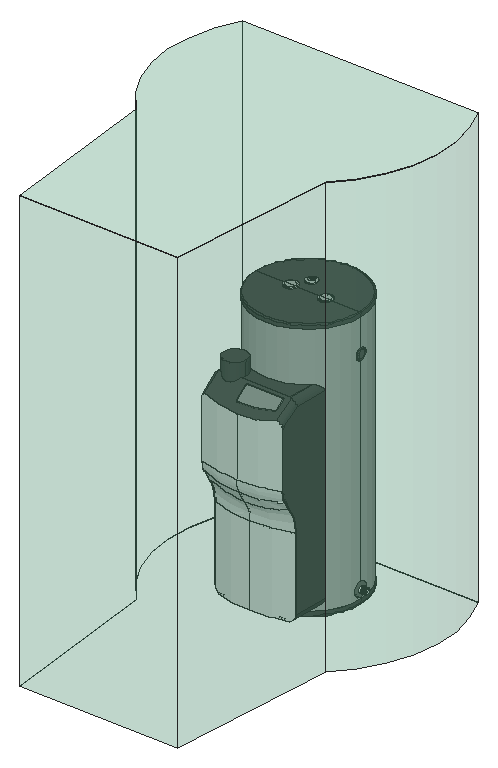
Revit family "Innovo GB_IR 32 245 GB LP", category Mechanical Equipment, Revit 2015
Parameters (values of type "IR-32-245 GB LP")
  Workspace Radius = Diameter + 170 mm  # 780 mm
  Workspace Height = Height + 1000 mm  # 2545 mm
  Workspace Front Distance = 1000 mm
  Working only during off-peak hour = no
  Width = Diameter  # 610 mm
  Workspace [instance] = yes
  Water heating energy efficiency class (2) = "-"
  Water heating energy efficiency class (1) = "A"  # constant formula
  Water heating energy efficiency (2) = "-"
  Water heating energy efficiency (1) = "92%"
  Warranty on tank = "36 months"  # constant formula
  Warranty on parts = "12 months"  # constant formula
  Voltage = 230 V  # constant formula
  Valve Height 02 = if(and(Height = 1745 mm, Diameter = 675 mm), 1518 mm, if(and(Height = 1745 mm, Diameter = 610 mm), 1534 mm, if(Height = 1545 mm, 1328 mm, 1070 mm)))  # 1328 mm
  Valve Height 01 = if(and(Diameter > 560 mm), 693 mm, 604 mm)  # 693 mm
  URL = "www.aosmith.co.uk"
  Type of Packaging = "Carton and Wood"  # constant formula
  Transport Weight = 136 kg
  Trade mark = "A.O. Smith"  # constant formula
  Thermostat temperature setting = 65 °C  # constant formula
  T&P Connection Rp = 1"
  Storage Capacity = 245.0 L
  Standard Set For = "G20"
  Stand-by Loss - daily (24h) = 0 W
  Stand-by Loss = 0 W
  Smart control = no
  Serial Number = "8717449286170"
  Seasonal Energy Efficiency Rating = [Energy Efficiency Rating (Hs, acc NEN-EN 89-1999)]  # 96
  Recovery Rate @ ΔT = 70°C = 290.0 L/s
  Recovery Rate @ ΔT = 55°C = 370.0 L/s
  Recovery Rate @ ΔT = 50°C = 400.0 L/s
  Recovery Rate @ ΔT = 44°C = 460.0 L/s
  Recovery Rate @ ΔT = 28°C = 730.0 L/s
  Product Instruction Link = ""
  Product Documentation Link = ""
  Precaustions during assembling, installation or maintenance = "see User, Installation, Service and Maintenance Manual"  # constant formula
  Power Consumption (peak) = 105 W
  Power Consumption (nominal) = 51 W
  Phase = 1
  Packaging Width = 786 mm  # constant formula
  Packaging Length = 946 mm  # constant formula
  Packaging Height = 1695 mm
  Other load profile = "-"
  Operating Weight = 381 kg
  Nominal Output = "23500"
  Nominal Heat Input (Net) = "22000"
  Nominal Heat Input (Gross) = "24400"
  Noice-level dB (A) = "<45"  # constant formula
  NOx Emissions mg/kWh = "33"
  NOx Emissions (air free, 0% O2) ppm = "21"
  Model identifier = "IR-24-285"
  Model = "IR-24-245 GB NAT"
  Min. Setpoint = 40 °C  # constant formula
  Max. Setpoint = 85 °C  # constant formula
  Max. Operating Pressure = 800000.0 Pa
  Max. Flue Gas Outlet Temperature = 57 °C
  Manufacturer Number = "E 7110"  # constant formula
  Manufacturer = "A.O. Smith Water Products Company b.v."  # constant formula
  Maintenance Interval = "12 months"  # constant formula
  Load profile = "XXL"
  Length = 780 mm  # constant formula
  Insulation Thickness = 44 mm
  Installation Type = "B23/C13/C33/C43/C53/C63"  # constant formula
  Indoor sound power level = "53 dB"
  Hot / Warm Water Connection R = 1"
  Height Warm Water Outlet = 1545 mm
  Height Gas Connection = 920 mm
  Height Flue Outlet = 1345 mm
  Height Cold Water Inlet = 170 mm
  Height Air Inlet = 1345 mm
  Height = 1545 mm
  Heating Up Time @ ΔT = 70°C = "40"
  Heating Up Time @ ΔT = 55°C = "32"
  Heating Up Time @ ΔT = 50°C = "29"
  Heating Up Time @ ΔT = 44°C = "25"
  Heating Up Time @ ΔT = 28°C = "16"
  Gas Supply Pressure = 2000.0 Pa
  Gas Flow Rate - Volume ltr/hr = "2.3"
  Gas Flow Rate - Mass kg/h = "n.a."
  Gas Connection R = 15"  # constant formula
  Gas Category = "II2E3P"  # constant formula
  Frequency = 50 Hz  # constant formula
  Flue Diameter - water heater = "80/125 mm/mm"  # constant formula
  Flue Diameter - parallel system = "2x80"  # constant formula
  Flue Diameter - concentric system = "80/125 mm/mm"  # constant formula
  Energy Efficiency Rating (Hs, acc NEN-EN 89-1999) = 96
  Energy Efficiency Rating (Hi, acc NEN-EN 89-1999) = 107
  Empty Weight = 120 kg
  Draw-off Capacity @ ΔT = 70°C after 90 min. = 570.0 L
  Draw-off Capacity @ ΔT = 70°C after 60 min. = 430.0 L
  Draw-off Capacity @ ΔT = 70°C after 30 min. = 280.0 L
  Draw-off Capacity @ ΔT = 70°C after 120 min. = 720.0 L
  Draw-off Capacity @ ΔT = 55°C after 90 min. = 760.0 L
  Draw-off Capacity @ ΔT = 55°C after 60 min. = 570.0 L
  Draw-off Capacity @ ΔT = 55°C after 30 min. = 390.0 L
  Draw-off Capacity @ ΔT = 55°C after 120 min. = 940.0 L
  Draw-off Capacity @ ΔT = 50°C after 90 min. = 840.0 L
  Draw-off Capacity @ ΔT = 50°C after 60 min. = 640.0 L
  Draw-off Capacity @ ΔT = 50°C after 30 min. = 440.0 L
  Draw-off Capacity @ ΔT = 50°C after 120 min. = 1100.0 L
  Draw-off Capacity @ ΔT = 44°C after 90 min. = 970.0 L
  Draw-off Capacity @ ΔT = 44°C after 60 min. = 740.0 L
  Draw-off Capacity @ ΔT = 44°C after 30 min. = 510.0 L
  Draw-off Capacity @ ΔT = 44°C after 120 min. = 1200.0 L
  Draw-off Capacity @ ΔT = 28°C after 90 min. = 1600.0 L
  Draw-off Capacity @ ΔT = 28°C after 60 min. = 1200.0 L
  Draw-off Capacity @ ΔT = 28°C after 30 min. = 830.0 L
  Draw-off Capacity @ ΔT = 28°C after 120 min. = 2000.0 L
  Drain Valve Connection Rp = 3/4"  # constant formula
  Diameter = 610 mm
  Destination / Country = "UK & Ireland"  # constant formula
  Description = "Condensing High Efficiency Storage Water Heater"  # constant formula
  Default Setpoint = 65 °C  # constant formula
  Created By = "http://www.cadcompany.nl/"
  Condens Discharge Connection = 40 mm  # constant formula
  Cold Water Connection R = 3/4"  # constant formula
  Co2 Emissions (tol. +/- 1.0) vol% = "9.3"
  CE-PIN = "0063CQ3037"  # constant formula
  BIM Content Developer = "CAD & Company"  # constant formula
  Assembly Code = "D3010"
  Annual fuel consumption (2) = "-"
  Annual fuel consumption (1) = "21 GJ GCV"
  Annual electricity consumption (2) = "-"
  Annual electricity consumption (1) = "42 kWh"
  APS Pressure < = 210.0 Pa
  2nd Maintenance (general maintenance) = "12 months after installation"  # constant formula
  1e Maintenance (check-up) = "3 months after installation"  # constant formula
Reference planes
  plane 1 "Center (Front/Back)": y = 0
  plane 2: z = 0
  plane 3 "Center (Left/Right)": x = 0
  plane 4 "Pipe": through (-383.901, 912.349, 194.799) normal (-0.0879, -0.0879, 0.9923)
  plane 5 "footing": y = 118.925
  plane 6 "footing front": y = -237.85
  plane 7: x = -305
  plane 8: x = 305
  plane 9: z = 1545
Forms (mm)
  Revolve 1, solid, material "RAL 9005", detail levels medium+fine
    sketch origin (0, -237.85, 0) x (-1, 0, 0) y (0, 0, 1)
      loop
        line (0, 28.9) -> (-15, 28.9) -> (-15, 26.4) -> (-8.671, 26.4) -> (-8.671, 18) -> (-5.686, 18) -> (-6.626, 17.06) -> (-6.626, 12.06) -> (-8.671, 12.06) -> (-8.671, 10) -> (-10.031, 10) -> (-23.271, 5.181)
        arc (-23.271, 5.181) -> (-23.763, 4.836) -> (-24.017, 4.293) r 1.159
        line (-24.017, 4.293) -> (-24.017, 1.03)
        arc (-24.017, 1.03) -> (-23.715, 0.302) -> (-22.986, 0) r 1.03
        line (-22.986, 0) -> (0, 0) -> (0, 28.9)
      axis (0, 28.9) -> (0, 0)
    angle from 0 to 360
  Revolve 2, solid, material "RAL 9005", detail levels medium+fine
    sketch origin (0, 118.925, 0) x (-1, 0, 0) y (0, 0, 1)
      loop
        line (-205.984, 28.9) -> (-220.984, 28.9) -> (-220.984, 26.4) -> (-214.655, 26.4) -> (-214.655, 18) -> (-211.67, 18) -> (-212.61, 17.06) -> (-212.61, 12.06) -> (-214.655, 12.06) -> (-214.655, 10) -> (-216.015, 10) -> (-229.256, 5.181)
        arc (-229.256, 5.181) -> (-229.747, 4.836) -> (-230.001, 4.293) r 1.159
        line (-230.001, 4.293) -> (-230.001, 1.03)
        arc (-230.001, 1.03) -> (-229.699, 0.302) -> (-228.971, 0) r 1.03
        line (-228.971, 0) -> (-205.984, 0) -> (-205.984, 28.9)
      axis (-205.984, 28.9) -> (-205.984, 0)
    angle from 0 to 360
  Revolve 3, solid, material "RAL 9005", detail levels medium+fine
    sketch origin (0, 118.925, 0) x (-1, 0, 0) y (0, 0, 1)
      loop
        line (204.016, 28.9) -> (189.016, 28.9) -> (189.016, 26.4) -> (195.345, 26.4) -> (195.345, 18) -> (198.33, 18) -> (197.39, 17.06) -> (197.39, 12.06) -> (195.345, 12.06) -> (195.345, 10) -> (193.985, 10) -> (180.744, 5.181)
        arc (180.744, 5.181) -> (180.253, 4.836) -> (179.999, 4.293) r 1.159
        line (179.999, 4.293) -> (179.999, 1.03)
        arc (179.999, 1.03) -> (180.301, 0.302) -> (181.029, 0) r 1.03
        line (181.029, 0) -> (204.016, 0) -> (204.016, 28.9)
      axis (204.016, 28.9) -> (204.016, 0)
    angle from 0 to 360
Lines and regions (mm)
  symbolic lines
    curve 1: line (0, 280.06, 0) -> (0, -280.06, 0)
    curve 2: line (-280.06, 0, 0) -> (280.06, 0, 0)
  symbolic lines, style "Workspace"
    curve 3: line (681.142, 380.06, 0) -> (-681.142, 380.06, 0)
    curve 4: arc (-681.142, 380.06, 0) -> (-771.826, -112.627, 0) -> (-544.132, -558.856, 0) r 780
    curve 5: line (-544.132, -558.856, 0) -> (-454.283, -1517.825, 0)
    curve 6: line (-454.283, -1517.825, 0) -> (456.53, -1517.825, 0)
    curve 7: line (456.53, -1517.825, 0) -> (546.343, -556.695, 0)
    curve 8: arc (546.343, -556.695, 0) -> (772.048, -111.097, 0) -> (681.142, 380.06, 0) r 780
Dimensions and locks
  plane 5 "footing" to plane 1 "Center (Front/Back)" = 118.925 mm
  plane 1 "Center (Front/Back)" to plane 6 "footing front" = 237.85 mm
  "Diameter": plane 7 to plane 8
  equal spacing: plane 7, plane 3 "Center (Left/Right)", plane 8
  "Height": plane 9 to plane 2
  "Workspace Front Distance": curve 6 to nested 3
  "Workspace Radius": radius of curve 4
  "Workspace Radius": radius of curve 8
  aligned and locked: level to plane 2
  aligned and locked: nested 3 to Revolve 1 sketch curve
  aligned and locked: plane 3 "Center (Left/Right)" to Revolve 1 sketch curve
  aligned and locked: nested 3 to plane 1 "Center (Front/Back)"
  aligned and locked: plane 3 "Center (Left/Right)" to nested 3
  aligned and locked: nested 1 to plane 8
  aligned and locked: nested 5 to plane 8
  aligned and locked: nested 2 to plane 7
  aligned and locked: nested 4 to plane 7
  aligned and locked: nested 7 to plane 7
  aligned and locked: nested 8 to plane 3 "Center (Left/Right)"
  aligned and locked: plane 1 "Center (Front/Back)" to nested 8
  aligned and locked: nested 8 to nested 3
  aligned and locked: curve 5 to nested 8
  aligned and locked: curve 7 to nested 8
  aligned and locked: curve 3 to nested 8
Automatic sketch dimensions
  Revolve 1 sketch curve to level = 0 mm
  plane 3 "Center (Left/Right)" to Revolve 1 sketch curve = 5.686 mm
  Revolve 1 sketch curve to Revolve 1 sketch curve = 0.94 mm  (x2)
  Revolve 1 sketch curve to Revolve 1 sketch curve = 2.046 mm  (x2)
  Revolve 1 sketch curve to Revolve 1 sketch curve = 1.359 mm
  Revolve 1 sketch curve to Revolve 1 sketch curve = 6.329 mm
  level to Revolve 1 sketch curve = 4.091 mm
  Revolve 1 sketch curve to Revolve 1 sketch curve = 12.844 mm
  level to Revolve 1 sketch curve = 1.03 mm
  Revolve 1 sketch curve to Revolve 1 sketch curve = 0.111 mm
  level to Revolve 1 sketch curve = 5.181 mm
  Revolve 1 sketch curve to Revolve 1 sketch curve = 0.745 mm
  level to Revolve 1 sketch curve = 10 mm
  Revolve 1 sketch curve to Revolve 1 sketch curve = 2.06 mm
  Revolve 1 sketch curve to Revolve 1 sketch curve = 5 mm
  Revolve 1 sketch curve to Revolve 1 sketch curve = 8.4 mm
  Revolve 1 sketch curve to Revolve 1 sketch curve = 2.5 mm
  Revolve 1 sketch curve to level = 19.635 mm
  Revolve 1 sketch curve to Revolve 1 sketch curve = 46.465 mm
  Revolve 2 sketch curve to level = 0 mm
  level to Revolve 2 sketch curve = 1.03 mm
  Revolve 2 sketch curve to plane 8 = 74.999 mm
  level to Revolve 2 sketch curve = 5.181 mm
  Revolve 2 sketch curve to Revolve 2 sketch curve = 0.745 mm
  Revolve 2 sketch curve to Revolve 2 sketch curve = 0.397 mm
  Revolve 2 sketch curve to Revolve 2 sketch curve = 8.271 mm
  Revolve 2 sketch curve to Revolve 2 sketch curve = 13.241 mm
  Revolve 2 sketch curve to Revolve 2 sketch curve = 1.359 mm
  Revolve 2 sketch curve to Revolve 2 sketch curve = 6.329 mm
  Revolve 2 sketch curve to Revolve 2 sketch curve = 2.046 mm
  level to Revolve 2 sketch curve = 18 mm
  Revolve 2 sketch curve to Revolve 2 sketch curve = 0.94 mm  (x2)
  Revolve 2 sketch curve to Revolve 2 sketch curve = 8.671 mm
  Revolve 2 sketch curve to Revolve 2 sketch curve = 1.089 mm
  Revolve 2 sketch curve to Revolve 2 sketch curve = 8 mm
  Revolve 2 sketch curve to Revolve 2 sketch curve = 2.06 mm
  Revolve 2 sketch curve to Revolve 2 sketch curve = 8.4 mm
  Revolve 2 sketch curve to Revolve 2 sketch curve = 2.5 mm
  Revolve 2 sketch curve to Revolve 2 sketch curve = 0 mm
  Revolve 2 sketch curve to level = 19.635 mm
  Revolve 2 sketch curve to Revolve 2 sketch curve = 46.465 mm
  Revolve 3 sketch curve to level = 0 mm
  level to Revolve 3 sketch curve = 1.03 mm
  Revolve 3 sketch curve to plane 7 = 125.001 mm
  level to Revolve 3 sketch curve = 5.181 mm
  Revolve 3 sketch curve to Revolve 3 sketch curve = 0.745 mm
  Revolve 3 sketch curve to Revolve 3 sketch curve = 0.397 mm
  Revolve 3 sketch curve to Revolve 3 sketch curve = 8.271 mm
  Revolve 3 sketch curve to Revolve 3 sketch curve = 13.241 mm
  Revolve 3 sketch curve to Revolve 3 sketch curve = 1.359 mm
  Revolve 3 sketch curve to Revolve 3 sketch curve = 6.329 mm
  Revolve 3 sketch curve to Revolve 3 sketch curve = 2.046 mm
  level to Revolve 3 sketch curve = 18 mm
  Revolve 3 sketch curve to Revolve 3 sketch curve = 0.94 mm  (x2)
  Revolve 3 sketch curve to Revolve 3 sketch curve = 8.671 mm
  Revolve 3 sketch curve to Revolve 3 sketch curve = 1.089 mm
  Revolve 3 sketch curve to Revolve 3 sketch curve = 8 mm
  Revolve 3 sketch curve to Revolve 3 sketch curve = 2.06 mm
  Revolve 3 sketch curve to Revolve 3 sketch curve = 8.4 mm
  Revolve 3 sketch curve to Revolve 3 sketch curve = 2.5 mm
  Revolve 3 sketch curve to Revolve 3 sketch curve = 0 mm
  Revolve 3 sketch curve to level = 19.635 mm
  Revolve 3 sketch curve to Revolve 3 sketch curve = 46.465 mm
  curve 4 to curve 8 = 0 mm  (x2)
  plane 1 "Center (Front/Back)" to curve 2 = 0 mm
  curve 1 to plane 3 "Center (Left/Right)" = 0 mm
  plane 1 "Center (Front/Back)" to curve 4 = 0 mm
  curve 4 to plane 3 "Center (Left/Right)" = 0 mm
  curve 2 to plane 7 = 24.94 mm
  curve 2 to plane 8 = 24.94 mm
  curve 1 to plane 6 "footing front" = 42.21 mm
  plane 5 "footing" to curve 1 = 161.135 mm
Nested families
  nested 1: "Valve" at (305, -0.38, 1328) x (0, 1, 0) z (0, 0, 1), built-in parameter 1001364 <- "Valve Height 02", type "Valve"
  nested 2: "Drain Valve" at (-305, 0, 1328), built-in parameter 1001364 <- "Valve Height 02", type "Drain Valve"
  nested 3: "Housing Mother Housing S 57 (external)" at (0, -299.886, 0), type "Housing Mother_Housing S_57"
    with radius 305 mm, distance to boiler center 154 mm, diameter 610 mm
  nested 4: "Drain Valve" at (-305, 0, 177), type "Drain Valve"
  nested 5: "Drain Valve" at (305, 0, 107) x (-1, 0, 0) z (0, 0, 1), type "Drain Valve"
  nested 6: "Boiler" at (0, 0, 0), height <- "Height", type "Boiler"
    with height 1545 mm, radius 305 mm, Diameter 610 mm
  nested 7: "Drain Valve" at (-305, 0, 693), built-in parameter 1001364 <- "Valve Height 01", type "Drain Valve"
  nested 8: "Innovo_workspace" at (0, 0, 0), Workspace <- "Workspace", Workspace Distance Front <- "Workspace Front Distance", Workspace Height <- "Workspace Height", Workspace Radius <- "Workspace Radius", type "Workspace"
    with Workspace Radius 780 mm, Workspace Height 2545 mm, Workspace Distance Front 1000 mm, Workspace yes, Center to Front 517.825 mm
Connectors
  piping at (339.826, 0, 107), diameter 19.05, driven by "Drain Valve Connection Rp"
    settings: on nested 5, index 1, connector inside diameter 24", connector length 0 mm, flow factor 0, pipe flow 0.0 L/s, pressure drop 0.0 Pa, fitting loss kfactor 0, connector angle 0.00°, fixture units 0, engagement length 0 mm, angle of deflection 0.00°, flow configuration 0, flow direction 0, fitting loss method 0, system type 19, joint type 0, gender type 0, connector reference index -1, connector utility 0, adjustable connector no, is connector primary yes, connector description ""
  hvac at (-147.013, -346.326, 1310.674)
    settings: on nested 3, index 2, duct flow 0.0 L/s, flow factor 0, pres drop 0.0 Pa, loss coef 0, conn angle 0.00°, conn width 304.8 mm, conn height 304.8 mm, conn diameter 125 mm, duct sys type 4, conn prof type 0, flow config 0, flow direction 0, loss method 0, conn ref index -1, conn util no, is conn primary yes, conn desc ""
Definition of nested family "Valve"
  Parameters (values of type "Valve")
    Type Comments = "T&P valve (internal)"
    Manufacturer = "A.O. Smith"
  Reference planes
    plane 1 "Center (Front/Back)": y = 0
    plane 2: z = 0
    plane 3 "Center (Left/Right)": x = 0
  Forms (mm)
    Extrusion 1, solid, detail levels fine
      sketch origin (0, 0, 0) x (1, 0, 0) y (0, 0, 1)
        loop
          circle (0, 0) r 31.5
      from -2.271 to 1.4
    Sweep 2, solid, detail levels fine
      path origin (0, -1.4, 0) x (1, 0, 0) y (0, 0, 1)
        loop
          circle (0, 0) r 31.5
      profile origin (0, -1.4, 31.5) x (0, 0, -1) y (0, -1, 0)
        loop
          line (7.3, 0) -> (7.3, 3) -> (0, 0) -> (7.3, 0)
  Dimensions and locks
    aligned and locked: level to plane 2
Definition of nested family "Drain Valve"
  Reference planes
    plane 1 "Center (Front/Back)": y = 0
    plane 2: z = 0
    plane 3 "Center (Left/Right)": x = 0
  Forms (mm)
    Revolve 1, solid, detail levels medium+fine
      sketch origin (0, 0, 0) x (1, 0, 0) y (0, 0, 1)
        loop
          line (-33.442, 15.696) -> (-34.826, 14.329) -> (-34.93, 12.731) -> (-16.555, 12.731) -> (-16.555, 0) -> (15.787, 0) -> (15.787, 18.3) -> (-14.4, 18.3) -> (-17.148, 15.533) -> (-18.729, 16.697) -> (-20.091, 15.333) -> (-21.672, 16.496) -> (-23.034, 15.133) -> (-24.614, 16.296) -> (-25.976, 14.932) -> (-27.557, 16.096) -> (-28.919, 14.732) -> (-30.5, 15.896) -> (-31.862, 14.532) -> (-33.442, 15.696)
        axis (-34.93, 0) -> (15.787, 0)
      angle from 0 to 360
  Dimensions and locks
    aligned and locked: level to plane 2
  Nested families
    nested 1: "Rubber sealing" at (2.592, -0.155, 0) x (0.0023, -1, 0) z (0, 0, 1), type "Rubber sealing", detail levels fine
  Definition of nested family "Rubber sealing"
    Reference planes
      plane 1 "Center (Front/Back)": y = 0
      plane 2: z = 0
      plane 3 "Center (Left/Right)": x = 0
    Forms (mm)
      Extrusion 1, solid, detail levels fine
        sketch origin (141.861, 319.581, 0) x (1, 0, 0) y (0, 1, 0)
          loop
            line (-216.354, -311.898) -> (-216.354, -313.94)
            arc (-216.354, -313.94) -> (-141.602, -321.581) -> (-66.861, -313.835) r 366.966
            line (-66.861, -313.835) -> (-66.861, -311.791)
            arc (-66.861, -311.791) -> (-141.602, -319.581) -> (-216.354, -311.898) r 364.966
        from -80 to 80
      Extrusion 2, void
        sketch origin (141.861, 319.581, 0) x (1, 0, 0) y (0, 0, 1)
          loop
            circle (-141.861, 0) r 13
          loop
            circle (-141.861, 0) r 110
          loop
            circle (-141.861, 0) r 40
        from 311.563 to 332.684
      Extrusion 3, void
        sketch origin (141.861, 319.581, 0) x (1, 0, 0) y (0, 0, 1)
          loop
            circle (-141.861, 0) r 18.25
        from 315.524 to 326.084
    Cuts and joins
      Extrusion 2, Extrusion 3 cuts Extrusion 1
    Dimensions and locks
      aligned and locked: level to plane 2
Definition of nested family "Housing Mother Housing S 57 (external)"
  Parameters (values of type "Housing Mother_Housing S_57")
    radius [instance] = 280 mm
    distance to boiler center = if(diameter = 675 mm, 189 mm, if(diameter = 610 mm, 154 mm, 129 mm))  # 129 mm
    diameter = 560 mm
  Reference planes
    plane 1 "Center (Front/Back)": y = 0
    plane 2: z = 0
    plane 3 "Center (Left/Right)": x = 0
    plane 4 "left": through (-245.286, 145.886, 1200) normal (0.9994, 0.0349, 0)
    plane 5: y = -217.939
    plane 6: y = 145.886
    plane 7: z = 1232.6
    plane 8: z = 65.89
    plane 9 "right": through (245.286, 145.886, 1200) normal (0.9994, -0.0349, 0)
    plane 10 "display": through (0, -90.37, 1221.196) normal (0, -0.5736, 0.8192)
    plane 11 "Potentiostat": z = 867.899
    plane 12 "boiler center": y = 274.886
    plane 13: x = -280
    plane 14: x = 280
  Forms (mm)
    Extrusion 1, solid
      sketch origin (0, 0, 0) x (1, 0, 0) y (0, 1, 0)
        loop
          line (-245.286, 145.886) -> (-232.581, -217.939) -> (232.581, -217.939) -> (245.286, 145.886)
          arc (245.286, 145.886) -> (0, 0.923) -> (-245.286, 145.886) r 280
      from 0 to 1232.6
    Sweep 2, void
      path origin (0, 0, 0) x (0, 1, 0) y (0, 0, 1)
        loop
          line (-217.939, 1232.6) -> (-217.939, 795.555)
          arc (-217.939, 795.555) -> (-212.387, 754.285) -> (-197.694, 715.322) r 183.924
          arc (-197.694, 715.322) -> (-179.915, 684.628) -> (-159.106, 655.901) r 348.284
          arc (-159.106, 655.901) -> (-131.411, 600.328) -> (-121.88, 538.973) r 202.254
          line (-121.88, 538.973) -> (-121.88, 61.106)
      profile origin (0, -217.939, 1014.077) x (1, 0, 0) y (0, 1, 0)
        loop
          arc (0, 0) -> (-117.533, 9.941) -> (-231.728, 39.475) r 699.984
          arc (-231.728, 39.475) -> (-233.391, 40.705) -> (-234.07, 42.659) r 3.505
          line (-234.07, 42.659) -> (-254.062, 42.659) -> (-254.062, -142.593) -> (254.07, -142.593) -> (254.07, 42.659) -> (234.07, 42.659)
          arc (234.07, 42.659) -> (233.391, 40.705) -> (231.728, 39.475) r 3.505
          arc (231.728, 39.475) -> (117.533, 9.941) -> (0, 0) r 699.984
    Extrusion 3, void
      sketch origin (0, 0, 0) x (0, 1, 0) y (0, 0, 1)
        loop
          arc (102.864, 70.869) -> (99.804, 70.709) -> (96.874, 69.813) r 12.57
          arc (96.874, 69.813) -> (87.878, 66.533) -> (78.516, 64.529) r 69.114
          arc (78.516, 64.529) -> (76.41, 64.284) -> (74.294, 64.148) r 41.206
          arc (74.294, 64.148) -> (65.203, 64.335) -> (56.122, 64.782) r 318.661
          arc (56.122, 64.782) -> (30.585, 66.179) -> (5.028, 67.128) r 1456.581
          line (5.028, 67.128) -> (-84.534, 73.135)
          arc (-84.534, 73.135) -> (-86.363, 73.808) -> (-87.536, 75.365) r 3.455
          line (-87.536, 75.365) -> (-264.473, 75.365) -> (-264.473, 0) -> (160.886, 0) -> (160.886, 103.945) -> (145.886, 103.945)
          arc (145.886, 103.945) -> (145.104, 97.827) -> (142.923, 92.059) r 26.364
          arc (142.923, 92.059) -> (141.067, 88.936) -> (138.867, 86.045) r 31.715
          arc (138.867, 86.045) -> (135.576, 82.49) -> (132.021, 79.2) r 62.615
          arc (132.021, 79.2) -> (125.841, 74.697) -> (119.091, 71.103) r 54.444
          arc (119.091, 71.103) -> (116.371, 70.272) -> (113.531, 70.123) r 11.669
          line (113.531, 70.123) -> (102.864, 70.869)
      from -254.062 to 254.07
    Sweep 4, void
      path origin (0, 0, 0) x (1, 0, 0) y (0, 1, 0)
        loop
          line (-245.286, 145.886) -> (-232.581, -217.939)
      profile origin (-238.933, -36.027, 0) x (0.999391, 0.034899, 0) y (0, 0, 1)
        loop
          line (-4.454, 0) -> (47.084, 0) -> (47.084, 73.431)
          arc (47.084, 73.431) -> (14.222, 85.134) -> (0.255, 117.1) r 43.922
          line (0.255, 117.1) -> (-4.454, 117.1) -> (-4.454, 0)
    Sweep 5, void
      path origin (0, 0, 0) x (-1, 0, 0) y (0, 1, 0)
        loop
          line (-245.286, 145.886) -> (-232.581, -217.939)
      profile origin (238.933, -36.027, 0) x (0.999391, -0.034899, 0) y (0, 0, 1)
        loop
          line (4.454, 0) -> (4.454, 117.1) -> (-0.255, 117.1)
          arc (-0.255, 117.1) -> (-14.222, 85.134) -> (-47.084, 73.431) r 43.922
          line (-47.084, 73.431) -> (-47.084, 0) -> (4.454, 0)
    Sweep 6, void
      path origin (-239.899, -8.377, 0) x (-0.034899, 0.999391, 0) y (0, 0, 1)
        loop
          line (-209.69, 1141.272) -> (-79.18, 1232.6) -> (154.358, 1232.6)
      profile origin (-241.211, 29.188, 1232.6) x (0, 0, 1) y (0.999391, 0.034899, 0)
        loop
          line (-45, -30) -> (75, -30) -> (75, 0) -> (75, 55) -> (2.799, 55) -> (-1.253, 35.128)
          arc (-1.253, 35.128) -> (-16.771, 9.564) -> (-45, -0.308) r 44.287
          line (-45, -0.308) -> (-45, -30)
    Sweep 7, void
      path origin (239.899, -8.377, 0) x (0.034899, 0.999391, 0) y (0, 0, 1)
        loop
          line (-209.69, 1141.272) -> (-79.18, 1232.6) -> (154.358, 1232.6)
      profile origin (241.211, 29.188, 1232.6) x (0, 0, -1) y (-0.999391, 0.034899, 0)
        loop
          line (-75, -25) -> (45, -25) -> (45, -0.308)
          arc (45, -0.308) -> (16.771, 9.564) -> (1.253, 35.128) r 44.287
          line (1.253, 35.128) -> (-2.799, 55) -> (-75, 55) -> (-75, -25)
    Extrusion 8, void
      sketch origin (0, 0, 0) x (0, 1, 0) y (0, 0, 1)
        loop
          line (-270, 1336.099) -> (-270, 1099.081) -> (68.497, 1336.099) -> (-270, 1336.099)
      from -425.038 to 444.42
    Extrusion 9, solid, detail levels medium+fine
      sketch origin (0, 0, 0) x (1, 0, 0) y (0, 1, 0)
        loop
          circle (-147.013, -46.44) r 65
      from 1163.174 to 1310.674
    Extrusion 10, void
      sketch origin (0, -603.506, 861.895) x (0, 0.819152, 0.573576) y (-1, 0, 0)
        loop
          arc (618.322, -173) -> (623.272, -170.95) -> (625.322, -166) r 7
          line (625.322, -166) -> (625.322, 35)
          arc (625.322, 35) -> (623.272, 39.95) -> (618.322, 42) r 7
          line (618.322, 42) -> (535.473, 42)
          arc (535.473, 42) -> (530.688, 40.11) -> (528.488, 35.46) r 7
          arc (528.488, 35.46) -> (531.569, -67.592) -> (554.18, -168.18) r 540
          arc (554.18, -168.18) -> (556.724, -171.668) -> (560.831, -173) r 7
          line (560.831, -173) -> (618.322, -173)
      from 0 to 137.286
    Sweep 11, solid, detail levels fine
      path origin (0, 0, 867.899) x (-1, 0, 0) y (0, -1, 0)
        loop
          line (309.749, -35.617) -> (204.371, -35.617)
          arc (204.371, -35.617) -> (196.509, -34.687) -> (189.082, -31.947) r 33.677
          line (189.082, -31.947) -> (-9.574, 69.274)
      profile origin (-257.06, 35.617, 867.899) x (0, 1, 0) y (0, 0, 1)
        loop
          circle (0, 0) r 7.316
        loop
          circle (0, 0) r 6.465
    Revolve 12, void
      sketch origin (0, 274.886, 0) x (-1, 0, 0) y (0, 0, 1)
        loop
          line (280, 1243.838) -> (0, 1243.838) -> (0, 54.9) -> (280, 54.9) -> (280, 1243.838)
        axis (0, 1243.838) -> (0, 54.9)
      angle from 0 to 360
  Cuts and joins
    Sweep 2, Extrusion 3, Sweep 4, Sweep 5, Sweep 6, Sweep 7, Extrusion 8, Extrusion 10, Revolve 12 cuts Extrusion 1
  Dimensions and locks
    plane 8 to plane 2 = 65.89 mm
    plane 7 to plane 8 = 1166.71 mm
    "distance to boiler center": plane 12 "boiler center" to plane 6
    "diameter": plane 14 to plane 13
    equal spacing: plane 14, plane 3 "Center (Left/Right)", plane 13
    "radius": plane 3 "Center (Left/Right)" to plane 13
    aligned and locked: level to plane 2
    aligned and locked: Extrusion 1 to plane 7
    aligned and locked: Extrusion 1 sketch curve to plane 5
    aligned and locked: Sweep 2 to Extrusion 3
    aligned and locked: Extrusion 3 to Sweep 2  (x2)
    aligned and locked: plane 7 to Sweep 2 sketch curve
    aligned and locked: plane 3 "Center (Left/Right)" to Revolve 12 sketch curve
    aligned and locked: Revolve 12 sketch curve to plane 3 "Center (Left/Right)"
    aligned and locked: plane 13 to Revolve 12 sketch curve
  Automatic sketch dimensions
    Extrusion 1 sketch curve to plane 4 "left" = 0 mm  (x2)
    Extrusion 1 sketch curve to plane 6 = 0 mm  (x2)
    Extrusion 1 sketch curve to plane 3 "Center (Left/Right)" = 0 mm
    Extrusion 1 sketch curve to plane 9 "right" = 0 mm
    plane 6 to Extrusion 1 sketch curve = 135.037 mm
    Sweep 2 sketch curve to plane 5 = 0 mm
    plane 5 to Sweep 2 sketch curve = 106.195 mm
    Sweep 2 sketch curve to plane 5 = 96.059 mm
    plane 1 "Center (Front/Back)" to Sweep 2 sketch curve = 34.053 mm
    plane 11 "Potentiostat" to Sweep 2 sketch curve = 6.417 mm
    Sweep 2 sketch curve to plane 6 = 33.705 mm
    Sweep 2 sketch curve to plane 11 "Potentiostat" = 68.615 mm
    Sweep 2 sketch curve to plane 11 "Potentiostat" = 72.345 mm
    Sweep 2 sketch curve to Sweep 2 sketch curve = 176.349 mm
    Sweep 2 sketch curve to Sweep 2 sketch curve = 0 mm  (x2)
    plane 8 to Sweep 2 sketch curve = 4.784 mm
    Extrusion 3 sketch curve to level = 0 mm
    Extrusion 3 sketch curve to plane 6 = 0 mm
    Extrusion 3 sketch curve to plane 6 = 26.363 mm
    Extrusion 3 sketch curve to Extrusion 3 sketch curve = 4.75 mm
    Extrusion 3 sketch curve to Extrusion 3 sketch curve = 5.179 mm
    Extrusion 3 sketch curve to plane 8 = 4.232 mm
    Extrusion 3 sketch curve to Extrusion 3 sketch curve = 0.814 mm
    Extrusion 3 sketch curve to plane 8 = 4.978 mm
    Extrusion 3 sketch curve to Extrusion 3 sketch curve = 10.667 mm
    Extrusion 3 sketch curve to Extrusion 3 sketch curve = 0.877 mm
    Extrusion 3 sketch curve to Extrusion 3 sketch curve = 17.827 mm
    Extrusion 3 sketch curve to Extrusion 3 sketch curve = 5.646 mm
    Extrusion 3 sketch curve to plane 6 = 69.562 mm
    Extrusion 3 sketch curve to Extrusion 3 sketch curve = 18.6 mm
    Extrusion 3 sketch curve to Extrusion 3 sketch curve = 22.538 mm
    Extrusion 3 sketch curve to plane 8 = 1.238 mm
    Extrusion 3 sketch curve to plane 1 "Center (Front/Back)" = 5.028 mm
    plane 1 "Center (Front/Back)" to Extrusion 3 sketch curve = 36.224 mm
    Extrusion 3 sketch curve to plane 8 = 10.692 mm
    plane 1 "Center (Front/Back)" to Extrusion 3 sketch curve = 84.302 mm
    Extrusion 3 sketch curve to plane 8 = 7.244 mm
    Extrusion 3 sketch curve to Extrusion 3 sketch curve = 0.231 mm
    Extrusion 3 sketch curve to Extrusion 3 sketch curve = 3.234 mm
    plane 5 to Extrusion 3 sketch curve = 46.534 mm
    plane 6 to Extrusion 3 sketch curve = 15 mm
    Extrusion 3 sketch curve to level = 1388.869 mm
    plane 8 to Extrusion 3 sketch curve = 7.561 mm
    Extrusion 3 sketch curve to Extrusion 3 sketch curve = 11.64 mm
    Extrusion 3 sketch curve to plane 8 = 38.054 mm
    Extrusion 3 sketch curve to Extrusion 3 sketch curve = 22.442 mm
    Extrusion 3 sketch curve to plane 8 = 39.432 mm
    Extrusion 3 sketch curve to Extrusion 3 sketch curve = 2.466 mm
    Extrusion 3 sketch curve to Extrusion 3 sketch curve = 14.17 mm
    Extrusion 3 sketch curve to Extrusion 3 sketch curve = 5.925 mm
    Extrusion 3 sketch curve to Extrusion 3 sketch curve = 6.186 mm
    Extrusion 3 sketch curve to Extrusion 3 sketch curve = 249.85 mm
    Extrusion 3 sketch curve to Extrusion 3 sketch curve = 0 mm  (x4)
    Extrusion 3 sketch curve to Extrusion 3 sketch curve = 6.845 mm
    plane 8 to Extrusion 3 sketch curve = 1.743 mm
    Sweep 4 sketch curve to plane 4 "left" = 0 mm  (x2)
    Sweep 4 sketch curve to plane 6 = 0 mm
    plane 5 to Sweep 4 sketch curve = 0 mm
    Sweep 4 sketch curve to level = 0 mm
    profile plane to Sweep 4 sketch curve = 4.454 mm
    Sweep 4 sketch curve to profile plane = 0.255 mm
    Sweep 4 sketch curve to Sweep 4 sketch curve = 43.922 mm
    Sweep 4 sketch curve to profile plane = 47.084 mm
    level to Sweep 4 sketch curve = 73.431 mm
    Sweep 4 sketch curve to Sweep 4 sketch curve = 43.669 mm
    Sweep 5 sketch curve to plane 6 = 0 mm
    Sweep 5 sketch curve to plane 9 "right" = 0 mm  (x2)
    plane 5 to Sweep 5 sketch curve = 0 mm
    Sweep 5 sketch curve to level = 0 mm
    profile plane to Sweep 5 sketch curve = 47.084 mm
    Sweep 5 sketch curve to Sweep 5 sketch curve = 2.907 mm
    profile plane to Sweep 5 sketch curve = 0.255 mm
    Sweep 5 sketch curve to profile plane = 4.454 mm
    level to Sweep 5 sketch curve = 73.431 mm
    Sweep 5 sketch curve to Sweep 5 sketch curve = 43.669 mm
    Sweep 6 sketch curve to plane 7 = 0 mm
    plane 7 to Sweep 6 sketch curve = 91.328 mm
    Sweep 6 sketch curve to Sweep 6 sketch curve = 130.509 mm
    Sweep 6 sketch curve to Sweep 6 sketch curve = 233.538 mm
    Sweep 6 sketch curve to plane 4 "left" = 0 mm
    profile plane to Sweep 6 sketch curve = 45 mm
    Sweep 6 sketch curve to Sweep 6 sketch curve = 0.354 mm
    profile plane to Sweep 6 sketch curve = 1.253 mm
    Sweep 6 sketch curve to profile plane = 2.799 mm
    Sweep 6 sketch curve to Sweep 6 sketch curve = 72.201 mm
    Sweep 6 sketch curve to plane 4 "left" = 0.308 mm
    Sweep 6 sketch curve to Sweep 6 sketch curve = 29.692 mm
    plane 4 "left" to Sweep 6 sketch curve = 35.128 mm
    plane 4 "left" to Sweep 6 sketch curve = 55 mm
    Sweep 7 sketch curve to plane 7 = 0 mm
    Sweep 7 sketch curve to plane 7 = 91.328 mm
    Sweep 7 sketch curve to Sweep 7 sketch curve = 130.509 mm
    Sweep 7 sketch curve to Sweep 7 sketch curve = 233.538 mm
    Sweep 7 sketch curve to plane 9 "right" = 25 mm
    profile plane to Sweep 7 sketch curve = 75 mm
    profile plane to Sweep 7 sketch curve = 2.799 mm
    Sweep 7 sketch curve to profile plane = 1.253 mm
    Sweep 7 sketch curve to Sweep 7 sketch curve = 43.393 mm
    Sweep 7 sketch curve to profile plane = 45 mm
    Sweep 7 sketch curve to plane 9 "right" = 0.308 mm
    plane 9 "right" to Sweep 7 sketch curve = 35.128 mm
    Sweep 7 sketch curve to Sweep 7 sketch curve = 19.872 mm
    plane 5 to Extrusion 8 sketch curve = 52.061 mm
    Extrusion 8 sketch curve to plane 1 "Center (Front/Back)" = 68.497 mm
    plane 7 to Extrusion 8 sketch curve = 133.519 mm
    Extrusion 8 sketch curve to plane 7 = 103.499 mm
    plane 1 "Center (Front/Back)" to Extrusion 9 sketch curve = 46.44 mm
    Extrusion 9 sketch curve to plane 3 "Center (Left/Right)" = 147.013 mm
    Extrusion 10 sketch curve to plane 3 "Center (Left/Right)" = 0 mm
    Extrusion 10 sketch curve to plane 3 "Center (Left/Right)" = 35 mm
    Extrusion 10 sketch curve to Extrusion 10 sketch curve = 25.359 mm
    Extrusion 10 sketch curve to Extrusion 10 sketch curve = 57.491 mm
    Extrusion 10 sketch curve to plane 3 "Center (Left/Right)" = 42 mm
    Extrusion 10 sketch curve to Extrusion 10 sketch curve = 82.85 mm
    Extrusion 10 sketch curve to Extrusion 10 sketch curve = 7 mm
    Extrusion 10 sketch curve to Extrusion 10 sketch curve = 442 mm
    plane 3 "Center (Left/Right)" to Extrusion 10 sketch curve = 166 mm
    Extrusion 10 sketch curve to Extrusion 10 sketch curve = 0 mm  (x2)
    Sweep 11 sketch curve to plane 1 "Center (Front/Back)" = 31.947 mm
    Sweep 11 sketch curve to plane 3 "Center (Left/Right)" = 189.082 mm
    Sweep 11 sketch curve to plane 1 "Center (Front/Back)" = 1.94 mm
    Sweep 11 sketch curve to Sweep 11 sketch curve = 15.289 mm
    plane 3 "Center (Left/Right)" to Sweep 11 sketch curve = 9.574 mm
    Sweep 11 sketch curve to Sweep 11 sketch curve = 105.378 mm
    plane 1 "Center (Front/Back)" to Sweep 11 sketch curve = 69.274 mm
    Sweep 11 sketch curve to Sweep 11 sketch curve = 0 mm  (x2)
    Sweep 11 sketch curve to plane 11 "Potentiostat" = 0 mm
    Sweep 11 sketch curve to profile plane = 0 mm
    plane 8 to Revolve 12 sketch curve = 10.99 mm
    Revolve 12 sketch curve to plane 7 = 11.238 mm
    Revolve 12 sketch curve to level = 366.045 mm
    Revolve 12 sketch curve to Revolve 12 sketch curve = 971.917 mm
    Sweep 2 sketch curve to plane 3 "Center (Left/Right)" = 0 mm
    profile plane to Sweep 2 sketch curve = 0 mm
    Sweep 2 sketch curve to plane 3 "Center (Left/Right)" = 0.016 mm
    Sweep 2 sketch curve to profile plane = 42.782 mm  (x2)
    Sweep 2 sketch curve to plane 3 "Center (Left/Right)" = 230.568 mm
    plane 3 "Center (Left/Right)" to Sweep 2 sketch curve = 0.016 mm
    plane 3 "Center (Left/Right)" to Sweep 2 sketch curve = 230.568 mm
    Sweep 2 sketch curve to Sweep 2 sketch curve = 3.502 mm  (x2)
    Sweep 2 sketch curve to Sweep 2 sketch curve = 20 mm
    profile plane to Sweep 2 sketch curve = 142.593 mm
    Sweep 2 sketch curve to Sweep 2 sketch curve = 0.122 mm  (x2)
    Sweep 2 sketch curve to Sweep 2 sketch curve = 657.203 mm
    Sweep 2 sketch curve to Sweep 2 sketch curve = 19.991 mm
    radius of Extrusion 9 sketch curve = 65 mm
    radius of Sweep 11 sketch curve = 7.316 mm
    radius of Sweep 11 sketch curve = 6.465 mm
  Nested families
    nested 1: "display" at (65.5, -130.939, 1192.79) x (-1, 0, 0) z (0, -0.5736, 0.8192), type "display"
  Definition of nested family "display"
    Parameters (values of type "display")
      Default Elevation = 1219.2 mm
    Reference planes
      plane 1 "Center (Front/Back)": y = 0
      plane 2: z = 0
      plane 3 "Center (Left/Right)": x = 0
    Forms (mm)
      Extrusion 1, solid, detail levels medium+fine
        sketch origin (-16.958, 11.842, -343.878) x (1, 0, 0) y (0, 0, -1)
          loop
            line (-233.523, -343.878) -> (-233.523, -346.592) -> (332.686, -346.592) -> (332.686, -343.878) -> (-233.523, -343.878)
        from -228.7 to 150.822
      Extrusion 2, void
        sketch origin (-16.958, 6.842, -343.878) x (1, 0, 0) y (0, 1, 0)
          loop
            line (-233.523, 155.822) -> (-233.523, -223.7) -> (332.686, -223.7) -> (332.686, 155.822) -> (-233.523, 155.822)
          loop
            arc (-90.542, -48.267) -> (-88.492, -53.216) -> (-83.542, -55.267) r 7
            line (-83.542, -55.267) -> (117.458, -55.267)
            arc (117.458, -55.267) -> (122.408, -53.216) -> (124.458, -48.267) r 7
            line (124.458, -48.267) -> (124.458, 34.583)
            arc (124.458, 34.583) -> (122.568, 39.368) -> (117.918, 41.568) r 7
            arc (117.918, 41.568) -> (14.866, 38.487) -> (-85.722, 15.876) r 540
            arc (-85.722, 15.876) -> (-89.21, 13.332) -> (-90.542, 9.224) r 7
            line (-90.542, 9.224) -> (-90.542, -48.267)
        from 328.878 to 363.083
    Cuts and joins
      Extrusion 2 cuts Extrusion 1
    Dimensions and locks
      aligned and locked: level to plane 2
Definition of nested family "Boiler"
  Parameters (values of type "Boiler")
    radius [instance] = 280 mm
    height [instance] = 1270 mm
    Diameter = 560 mm
  Reference planes
    plane 1 "Center (Front/Back)": y = 0
    plane 2: z = 0
    plane 3 "Center (Left/Right)": x = 0
    plane 4: z = 1243.838
    plane 5: z = 1270
    plane 6 "bottom": z = 28.9
    plane 7: z = 54.9
    plane 8 "top controle": y = 88
    plane 9: x = -280
    plane 10: x = 280
  Forms (mm)
    Revolve 1, solid
      sketch origin (0, 0, 0) x (1, 0, 0) y (0, 0, 1)
        loop
          line (0, 54.9) -> (-280, 54.9) -> (-280, 32.9)
          arc (-280, 32.9) -> (-278.828, 30.072) -> (-276, 28.9) r 4
          line (-276, 28.9) -> (0, 28.9) -> (0, 54.9)
        axis (0, 28.9) -> (0, 54.9)
      angle from 0 to 360
    Revolve 2, solid
      sketch origin (1.311, 0, 0) x (1, 0, 0) y (0, 0, 1)
        loop
          line (-278.86, 1243.838) -> (-278.86, 54.9) -> (-1.311, 54.9) -> (-1.311, 1243.838) -> (-278.86, 1243.838)
        axis (-1.311, 1243.838) -> (-1.311, 54.9)
      angle from 0 to 360
    Revolve 3, solid
      sketch origin (-9.205, 0, 377.212) x (-1, 0, 0) y (0, 0, 1)
        loop
          line (-148.904, 892.788) -> (-110.805, 892.788) -> (-110.805, 895.963) -> (-141.883, 895.963) -> (-148.904, 893.62) -> (-148.904, 892.788)
        axis (-110.805, 892.788) -> (-110.805, 895.963)
      angle from 0 to 360
    Revolve 4, solid
      sketch origin (0, 0, 718.065) x (1, 0, 0) y (0, 0, -1)
        loop
          line (0, -525.773) -> (-280, -525.773) -> (-280, -547.935)
          arc (-280, -547.935) -> (-278.828, -550.763) -> (-276, -551.935) r 4
          line (-276, -551.935) -> (0, -551.935) -> (0, -525.773)
        axis (0, -551.935) -> (0, -525.773)
      angle from 0 to 360
    Revolve 5, solid
      sketch origin (0, 88, 0) x (1, 0, 0) y (0, 0, 1)
        loop
          line (-19.051, 1270) -> (-19.051, 1271.074) -> (-32.63, 1275.604) -> (-32.63, 1271.117) -> (-37.266, 1271.117) -> (-38.383, 1270) -> (-19.051, 1270)
        axis (-50.8, 1270) -> (-50.8, 1275.604)
      angle from 0 to 360
    Revolve 6, solid
      sketch origin (-217.12, 0, 372.245) x (-1, 0, 0) y (0, 0, 1)
        loop
          line (-153.622, 897.755) -> (-115.52, 897.755) -> (-115.52, 900.93) -> (-146.626, 900.93) -> (-153.622, 898.596) -> (-153.622, 897.755)
        axis (-115.52, 897.755) -> (-115.52, 900.93)
      angle from 0 to 360
  Dimensions and locks
    "height": plane 5 to plane 2
    plane 6 "bottom" to plane 2 = 28.9 mm
    locked: plane 5 to plane 4 at 26.162
    locked: plane 1 "Center (Front/Back)" to plane 8 "top controle" at 88
    "Diameter": plane 10 to plane 9
    equal spacing: plane 10, plane 3 "Center (Left/Right)", plane 9
    "radius": plane 3 "Center (Left/Right)" to plane 9
    locked: plane 9 to Revolve 2 sketch curve at 2.452
    aligned and locked: level to plane 2
    aligned and locked: Revolve 2 sketch curve to plane 7
    aligned and locked: Revolve 2 sketch curve to plane 4
    aligned and locked: Revolve 1 sketch curve to plane 7
    aligned and locked: plane 6 "bottom" to Revolve 1 sketch curve
    aligned and locked: Revolve 4 sketch curve to plane 3 "Center (Left/Right)"
    aligned and locked: plane 5 to Revolve 4 sketch curve
    aligned and locked: Revolve 4 sketch curve to plane 4
    aligned and locked: plane 9 to Revolve 4 sketch curve
    aligned and locked: Revolve 1 sketch curve to plane 9
    aligned and locked: Revolve 2 sketch curve to plane 3 "Center (Left/Right)"
    aligned and locked: plane 3 "Center (Left/Right)" to Revolve 2 sketch curve
  Automatic sketch dimensions
    Revolve 1 sketch curve to plane 3 "Center (Left/Right)" = 0 mm  (x2)
    Revolve 1 sketch curve to Revolve 1 sketch curve = 4 mm
    Revolve 1 sketch curve to level = 40 mm
    Revolve 1 sketch curve to Revolve 1 sketch curve = 305.1 mm
    Revolve 2 sketch curve to level = 366.045 mm
    Revolve 2 sketch curve to plane 5 = 945.755 mm
    Revolve 3 sketch curve to plane 5 = 0 mm
    Revolve 3 sketch curve to plane 3 "Center (Left/Right)" = 139.699 mm
    plane 5 to Revolve 3 sketch curve = 3.175 mm
    Revolve 3 sketch curve to Revolve 3 sketch curve = 7.022 mm
    Revolve 3 sketch curve to Revolve 3 sketch curve = 31.078 mm
    Revolve 3 sketch curve to Revolve 3 sketch curve = 0.832 mm
    Revolve 3 sketch curve to Revolve 3 sketch curve = 0 mm
    Revolve 3 sketch curve to Revolve 3 sketch curve = 2.338 mm
    Revolve 3 sketch curve to Revolve 3 sketch curve = 4.487 mm
    Revolve 4 sketch curve to plane 3 "Center (Left/Right)" = 0 mm
    Revolve 4 sketch curve to Revolve 4 sketch curve = 4 mm
    Revolve 4 sketch curve to Revolve 4 sketch curve = 68.738 mm
    Revolve 4 sketch curve to Revolve 4 sketch curve = 305.1 mm
    Revolve 6 sketch curve to plane 5 = 0 mm
    plane 3 "Center (Left/Right)" to Revolve 6 sketch curve = 63.497 mm
    plane 5 to Revolve 6 sketch curve = 3.175 mm
    Revolve 6 sketch curve to Revolve 6 sketch curve = 6.997 mm
    Revolve 6 sketch curve to Revolve 6 sketch curve = 31.106 mm
    Revolve 6 sketch curve to Revolve 6 sketch curve = 0.84 mm
    Revolve 6 sketch curve to Revolve 6 sketch curve = 0 mm
    Revolve 6 sketch curve to Revolve 6 sketch curve = 7.216 mm
    Revolve 6 sketch curve to Revolve 6 sketch curve = 0.391 mm
    Revolve 5 sketch curve to Revolve 5 sketch curve = 13.578 mm
    Revolve 5 sketch curve to Revolve 5 sketch curve = 1.074 mm
    Revolve 5 sketch curve to Revolve 5 sketch curve = 12.417 mm
    Revolve 5 sketch curve to Revolve 5 sketch curve = 5.753 mm
    Revolve 5 sketch curve to plane 5 = 1.117 mm
    Revolve 5 sketch curve to Revolve 5 sketch curve = 1.117 mm
    plane 5 to Revolve 5 sketch curve = 4.396 mm
    Revolve 5 sketch curve to plane 5 = 0 mm
    Revolve 5 sketch curve to Revolve 5 sketch curve = 4.487 mm
    Revolve 5 sketch curve to plane 3 "Center (Left/Right)" = 38.383 mm
    Revolve 5 sketch curve to plane 5 = 5.604 mm
Definition of nested family "Innovo_workspace"
  Parameters (values of type "Workspace")
    Workspace Radius [instance] = 730 mm
    Workspace Height [instance] = 2270 mm
    Workspace Distance Front [instance] = 1000 mm
    Workspace [instance] = yes
    URL = "www.aosmith.nl"
    Model = ""
    Manufacturer = "A.O. Smith Water Products Company b.v."  # constant formula
    Description = ""
    Created By = ""
    Center to Front [instance] = 492.825 mm
    BIM Content Developer = "CAD & Company"  # constant formula
    Assembly Code = ""
  Reference planes
    plane 1 "Center (Front/Back)": y = 0
    plane 2: z = 0
    plane 3 "Center (Left/Right)": x = 0
    plane 4 "Pipe": through (-383.901, 912.349, 194.799) normal (-0.0879, -0.0879, 0.9923)
    plane 5 "front": y = -492.825
  Forms (mm)
    Extrusion 1, solid, visible <- "Workspace"
      sketch origin (0, 0, 0) x (1, 0, 0) y (0, 1, 0)
        loop
          line (456.53, -1492.825) -> (500.201, -531.695)
          arc (500.201, -531.695) -> (723.44, -97.643) -> (623.261, 380.06) r 730
          line (623.261, 380.06) -> (-623.261, 380.06)
          arc (-623.261, 380.06) -> (-723.227, -99.209) -> (-497.893, -533.856) r 730
          line (-497.893, -533.856) -> (-454.283, -1492.825) -> (456.53, -1492.825)
      from 0 to 2270 <- "Workspace Height"
  Lines and regions (mm)
    symbolic lines
      curve 1: line (0, 280.06, 0) -> (0, -280.06, 0)
      curve 2: line (-255.06, 0, 0) -> (255.06, 0, 0)
  Dimensions and locks
    locked: Extrusion 1 sketch curve to curve 1 at 100
    "Workspace Distance Front": plane 5 "front" to Extrusion 1
    "Center to Front": plane 1 "Center (Front/Back)" to plane 5 "front"
    "Workspace Radius": radius of Extrusion 1 sketch curve  (x2)
    aligned and locked: level to plane 2
  Automatic sketch dimensions
    plane 1 "Center (Front/Back)" to curve 2 = 0 mm
    curve 1 to plane 3 "Center (Left/Right)" = 0 mm
    plane 3 "Center (Left/Right)" to curve 2 = 255.06 mm
    curve 1 to plane 1 "Center (Front/Back)" = 280.06 mm
    curve 2 to plane 3 "Center (Left/Right)" = 255.06 mm
    plane 5 "front" to curve 1 = 212.765 mm
    Extrusion 1 sketch curve to Extrusion 1 sketch curve = 0 mm  (x2)
    plane 1 "Center (Front/Back)" to Extrusion 1 sketch curve = 0 mm
    Extrusion 1 sketch curve to plane 3 "Center (Left/Right)" = 0 mm
    Extrusion 1 sketch curve to plane 5 "front" = 41.031 mm
    Extrusion 1 sketch curve to plane 3 "Center (Left/Right)" = 454.283 mm
    plane 3 "Center (Left/Right)" to Extrusion 1 sketch curve = 456.53 mm
    Extrusion 1 sketch curve to plane 5 "front" = 38.869 mm
    Extrusion 1 sketch curve to Extrusion 1 sketch curve = 961.131 mm
